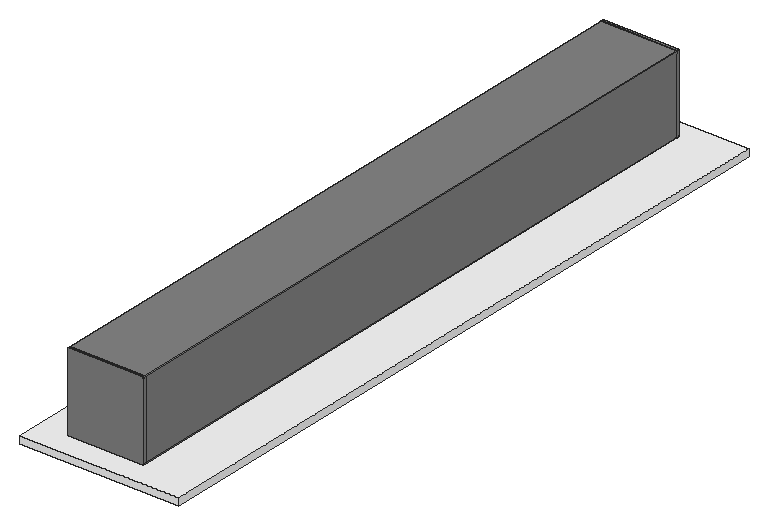
Revit family "BE_24641_de_DE", category Leuchten, Revit 2017
Family settings
  Basisbauteil = Fläche
  Bemaßung runder Anschluss = Durchmesser verwenden
  Teiletyp = Normal
  Beim Laden mit Abzugskörper schneiden = Ja
  Lichtquelle = Ja
  Gemeinsam genutzt = Nein
  Raumberechnungspunkt = Ja
Parameters (values of type "BEGA_24641_Grafit_K3")
  built-in parameter 1150104 = 16.115 (stored number, unit not read)
  Wattage = 39 W
  Default Elevation = 0 mm
  built-in parameter 1150113 = 1 (stored number, unit not read)
  built-in parameter 1114218 = 1 (stored number, unit not read)
  Umgebungstemperatur = "25 °C"
  URL = "https://www.bega.com/de/produkt/24641"
  Typenkommentare = "© 2021 BEGA. Wir behalten uns das Recht vor, technische Änderungen ohne vorherige Ankündigung vorzunehmen."  # constant formula
  built-in parameter 1150134 = (empty or 0)
  built-in parameter 1150109 = 1 (stored number, unit not read)
  Strom = ""
  built-in parameter 1150110 = 1 (stored number, unit not read)
  Spannung = 239.996 V
  Sonderanfertigung = no
  Seriennummer [instance] = "Hier können Sie die eindeutige Seriennummer für das Facility Management eintragen."
  Schutzklasse = "I"
  Schutzart = "IP 65"
  Scheinlast = 0 VA
  Produktdatenblatt = "http://www.bega.de/download/Xrfa/db/24641.db.de.pdf"
  Oberflächentemperatur = ""
  Neigungswinkel = 0.00°
  Modell = "24641K3"
  Material_17 = BEGA_Reflektor
  Material_15 = BEGA_Leuchtmedium_matt
  Material_09 = BEGA_Glas_klar
  Material_06 = BEGA_Oberfläche_Edelstahl_gebürstet
  Material_05 = BEGA_Oberfläche_Aluminium Guss
  Material_02 = BEGA_Oberfläche_Silber_matt
  Material_01 [instance] = BEGA_Oberfläche_Grafit_matt
  M_W = no
  M_G = yes
  M_A = no
  Logo = 0
  built-in parameter 1114217 = 1 (stored number, unit not read)
  built-in parameter 1150139 = (empty or 0)
  built-in parameter 1150105 = 538.34 (stored number, unit not read)
  built-in parameter 1150114 = 1 (stored number, unit not read)
  Lumens = 6764.94 lm
  built-in parameter 1150115 = 1 (stored number, unit not read)
  Leuchtenlichtstrom = "4552 lm"
  Leuchtenanzahl = ""
  Lebensdauerkriterien = "L70B50 @ 25 °C = 200000 h"
  Lastklassifizierung = Beleuchtung
  built-in parameter 1150112 = 1 (stored number, unit not read)
  Lampenlichtstrom = "6765 lm"
  Lampe = "LED 34.8 W"
  LED_Modulbezeichnung = "3x LED-1204/830"
  built-in parameter 1150142 = (empty or 0)
  Hersteller = "BEGA"  # constant formula
  Halbstreuwinkel = ""
  Gewicht = "8.65 kg"
  Gebrauchslageneinschränkung [instance] = ""
  Frequenz = "0/50-60 Hz"
  Farbwiedergabeindex = "CRI > 80"
  Farbtemperaturverschiebung bei Dämpfen der Lampe = <Keine Auswahl>
  Farbtemperatur = "3000 K"
  Color Filter = 16777215
  built-in parameter 1150133 = 10 (stored number, unit not read)
  Energieeffizienzklasse = "LED A++ - A"
  built-in parameter 1150137 = (empty or 0)
  built-in parameter 1150132 = (empty or 0)
  ENEC = ""
  Dimmbar [instance] = "DALI"
  Datei für fotometrisches Netz = "BE_24641K3.IES"
  CE_Konformität = "ja"
  Bestellnummer = "24641K3"
  Beschreibung_Sonderanfertigung = "Hier können Sie Informationen zur Sonderanfertigung eintragen."
  Beschreibung = "Wandleuchte"
  built-in parameter 1150106 = 5.3834 (stored number, unit not read)
  Befestigungsbohrung = "Ø 7 mm"
  Befestigungsabstand = "850 mm"
  BEGA_Intern_aus = yes
  BEGA_Intern_an = yes
  BEGA_Intern_Konstruktion = yes
  BEGA_Intern = yes
  BEGA_IES = yes
  BEGA_Dummy = no
  Anschlussleitung = ""
  Anschlussleistung [instance] = "39 W"
  Anschlusskasten = ""
  built-in parameter 1150107 = 3000 (stored number, unit not read)
  built-in parameter 1150102 = (empty or 0)
  built-in parameter 1150138 = (empty or 0)
  Aktualisierung = "2021-08-13T04:00:08"
  Abstand_zur_angestrahlten_Fläche [instance] = ""
  AC/DC = "AC/DC"
Types (4, lengths in mm): name | built-in parameter 1150104 | built-in parameter 1150134 | Modell | M_G | M_A | built-in parameter 1150105 | Lumens | Leuchtenlichtstrom | Lampenlichtstrom | LED_Modulbezeichnung | Farbtemperatur | Datei für fotometrisches Netz | Bestellnummer | built-in parameter 1150106 | built-in parameter 1150107
  BEGA_24641_Silber_K3 | 16.115 (stored number, unit not read) | (empty or 0) | "24641AK3" | no | yes | 538.34 (stored number, unit not read) | 6764.94 lm | "4552 lm" | "6765 lm" | "3x LED-1204/830" | "3000 K" | "BE_24641K3.IES" | "24641AK3" | 5.3834 (stored number, unit not read) | 3000 (stored number, unit not read)
  BEGA_24641_Silber_K4 | 16.579 (stored number, unit not read) | 12 | "24641AK4" | no | yes | 553.85 (stored number, unit not read) | 6959.94 lm | "4683 lm" | "6960 lm" | "3x LED-1204/840" | "4000 K" | "BE_24641K4.IES" | "24641AK4" | 5.5385 (stored number, unit not read) | 4000 (stored number, unit not read)
  BEGA_24641_Grafit_K4 | 16.579 (stored number, unit not read) | 12 | "24641K4" | yes | no | 553.85 (stored number, unit not read) | 6959.94 lm | "4683 lm" | "6960 lm" | "3x LED-1204/840" | "4000 K" | "BE_24641K4.IES" | "24641K4" | 5.5385 (stored number, unit not read) | 4000 (stored number, unit not read)
  BEGA_24641_Grafit_K3 | 16.115 (stored number, unit not read) | (empty or 0) | "24641K3" | yes | no | 538.34 (stored number, unit not read) | 6764.94 lm | "4552 lm" | "6765 lm" | "3x LED-1204/830" | "3000 K" | "BE_24641K3.IES" | "24641K3" | 5.3834 (stored number, unit not read) | 3000 (stored number, unit not read)
Reference planes
  plane 1 "Mitte (Vorne/Hinten)": y = 0
  plane 2: z = 0
  plane 3 "Mitte (Links/Rechts)": x = 0
  plane 4 "Links": x = -52.5
  plane 5 "Rechts": x = 52.5
  plane 6 "Unten": y = -465.2
  plane 7 "Oben": y = 465.127
  plane 8 "Vorne": z = 110.782
  plane 9 "Hinten": z = 0
Forms (mm)
  Extrusion 1, solid, material "BEGA_Platte_Weiss"
    sketch origin (0, -1119.2, 0) x (1, 0, 0) y (0, 1, 0)
      loop
        line (-95, 1614.2) -> (-95, 624.2) -> (125, 624.2) -> (125, 1614.2) -> (-95, 1614.2)
    from 0 to -10
  Extrusion 2, solid, material "BEGA_Dummy_matt", visible <- "BEGA_Dummy"
    sketch origin (80.095, -76.023, 0) x (1, 0, 0) y (0, 1, 0)
      loop
        line (-132.595, 541.15) -> (-132.595, -389.177) -> (-27.595, -389.177) -> (-27.595, 541.15) -> (-132.595, 541.15)
    from 0 to 110.782
Dimensions and locks
  plane 1 "Mitte (Vorne/Hinten)" to Extrusion 1 = 495 mm
  aligned and locked: Extrusion 1 to plane 2
  aligned and locked: level to Extrusion 1
Nested families
  nested 1: "BE_24641" at (0, 0, 0), type "BE_24641"
Connectors
  electrical at (0, 0, 0), driven by "Lastklassifizierung", driven by "Spannung", driven by "Scheinlast"
    settings: index 1, voltage 239.996 V, apparent load 0 VA, apparent load phase1 0 VA, apparent load phase2 0 VA, apparent load phase3 0 VA, power factor 1, load classification "Beleuchtung", number of poles 1, system type 31, power factor state 1, is connector primary yes, connector utility no, sub classification motor no, connector description ""
Definition of nested family "BE_24641"
  Parameters (values of type "BE_24641")
    Default Elevation = 1 mm
    URL = "http://www.bega.de/de/produkt"
    Type Comments = "© 2015 BEGA. Wir behalten uns das Recht vor, technische Änderungen ohne vorherige Ankündigung vorzunehmen. "  # constant formula
    Type Image = (empty or 0)
    Material_17 = none
    Material_15 = none
    Material_09 = none
    Material_06 = none
    Material_05 = none
    Material_02 = none
    Material_01 = none
    M_W = yes
    M_G = yes
    M_A = yes
    Länge_Platte = 200 mm  # constant formula
    Höhe_Platte = -10 mm  # constant formula
    Manufacturer = "BEGA"  # constant formula
    Breite_Platte = 1000 mm  # constant formula
  Reference planes
    plane 1 "Mitte (Oben/Unten)": y = 0
    plane 2: z = 0
    plane 3 "Mitte (Links/Rechts)": x = 0
    plane 4: x = -52.4
    plane 5: x = 52.5
    plane 6: z = 110.782
    plane 7: y = 465.127
    plane 8: y = -465.2
  Forms (mm)
    Extrusion 1, solid, detail levels medium
      sketch origin (0, 0, 0) x (1, 0, 0) y (0, 1, 0)
        loop
          line (-100, 500) -> (-100, -500) -> (100, -500) -> (100, 500) -> (-100, 500)
      from 0 to -10 <- "Höhe_Platte"
    Extrusion 2, solid, material <- "Material_01", visible <- "M_G"
      sketch origin (0, 0, 0) x (1, 0, 0) y (0, 0, 1)
        loop
          arc (-51.5, 110.782) -> (-52.207, 110.489) -> (-52.5, 109.782) r 1
          line (-52.5, 109.782) -> (-52.5, 97.782) -> (-52.5, 48.382) -> (-52.5, 2.782)
          arc (-52.5, 2.782) -> (-52.207, 2.074) -> (-51.5, 1.782) r 1
          line (-51.5, 1.782) -> (-33.514, 1.782) -> (-33.18, 11.348)
          arc (-33.18, 11.348) -> (-31.659, 14.776) -> (-28.183, 16.182) r 5
          line (-28.183, 16.182) -> (28.183, 16.182)
          arc (28.183, 16.182) -> (31.659, 14.776) -> (33.18, 11.348) r 5
          line (33.18, 11.348) -> (33.514, 1.782) -> (51.5, 1.782)
          arc (51.5, 1.782) -> (52.207, 2.074) -> (52.5, 2.782) r 1
          line (52.5, 2.782) -> (52.5, 109.782)
          arc (52.5, 109.782) -> (52.207, 110.489) -> (51.5, 110.782) r 1
          line (51.5, 110.782) -> (-51.5, 110.782)
        loop
          line (-46.5, 49.782) -> (-42.5, 49.782) -> (-12.495, 49.782) -> (-12.495, 103.782) -> (-46.5, 103.782) -> (-46.5, 49.782)
      from -462 to 462
    Extrusion 3, solid, material <- "Material_01"
      sketch origin (0, 0, 0) x (1, 0, 0) y (0, 0, 1)
        loop
          line (-28.204, 4.046) -> (-24.895, 0.737)
          arc (-24.895, 0.737) -> (-24.083, 0.192) -> (-23.123, 0) r 2.5
          line (-23.123, 0) -> (23.394, 0)
          arc (23.394, 0) -> (24.354, 0.192) -> (25.166, 0.737) r 2.5
          line (25.166, 0.737) -> (28.476, 4.046)
          arc (28.476, 4.046) -> (28.768, 4.753) -> (28.476, 5.46) r 1
          line (28.476, 5.46) -> (26.436, 7.5) -> (28.476, 9.54)
          arc (28.476, 9.54) -> (28.768, 10.247) -> (28.476, 10.954) r 1
          line (28.476, 10.954) -> (27.773, 11.657)
          arc (27.773, 11.657) -> (27.068, 11.954) -> (26.359, 11.666) r 1
          line (26.359, 11.666) -> (24.372, 9.679)
          arc (24.372, 9.679) -> (23.827, 8.867) -> (23.636, 7.907) r 2.5
          line (23.636, 7.907) -> (23.636, 3.8)
          arc (23.636, 3.8) -> (23.343, 3.093) -> (22.636, 2.8) r 1
          line (22.636, 2.8) -> (15.136, 2.8) -> (-22.364, 2.8)
          arc (-22.364, 2.8) -> (-23.072, 3.093) -> (-23.364, 3.8) r 1
          line (-23.364, 3.8) -> (-23.364, 7.907)
          arc (-23.364, 7.907) -> (-23.555, 8.864) -> (-24.097, 9.675) r 2.5
          line (-24.097, 9.675) -> (-26.088, 11.666)
          arc (-26.088, 11.666) -> (-26.793, 11.954) -> (-27.497, 11.661) r 1
          line (-27.497, 11.661) -> (-28.204, 10.954)
          arc (-28.204, 10.954) -> (-28.497, 10.25) -> (-28.209, 9.544) r 1
          line (-28.209, 9.544) -> (-26.164, 7.5) -> (-28.209, 5.456)
          arc (-28.209, 5.456) -> (-28.497, 4.75) -> (-28.204, 4.046) r 1
      from -455 to 455
    Extrusion 4, void
      sketch origin (0, 0, 0) x (1, 0, 0) y (0, 1, 0)
        loop
          arc (15, 100) -> (0, 115) -> (-15, 100) r 15
          line (-15, 100) -> (-15, -100)
          arc (-15, -100) -> (0, -115) -> (15, -100) r 15
          line (15, -100) -> (15, 100)
        loop
          arc (3.5, -420) -> (0, -416.5) -> (-3.5, -420) r 3.5
          line (-3.5, -420) -> (-3.5, -430)
          arc (-3.5, -430) -> (0, -433.5) -> (3.5, -430) r 3.5
          line (3.5, -430) -> (3.5, -420)
        loop
          line (-5, 421.5) -> (5, 421.5)
          arc (5, 421.5) -> (8.5, 425) -> (5, 428.5) r 3.5
          line (5, 428.5) -> (-5, 428.5)
          arc (-5, 428.5) -> (-8.5, 425) -> (-5, 421.5) r 3.5
      from 0 to 2.8
    Extrusion 5, solid, material <- "Material_09"
      sketch origin (0, 0, 0) x (1, 0, 0) y (0, 0, 1)
        loop
          line (-52.4, 95.782) -> (-52.4, 50.282) -> (-48.4, 50.282) -> (-48.4, 95.782) -> (-52.4, 95.782)
      from -450.614 to 450.615
    Blend 6, void
      base sketch origin (0, 0, 0) x (0, 1, 0) y (0, 0, 1)
        loop
          line (-452, 97.782) -> (-452, 48.382) -> (452, 48.382) -> (452, 97.782) -> (-452, 97.782)
      top sketch origin (0, 0, 0) x (0, 1, 0) y (0, 0, 1)
        loop
          line (450.614, 96.398) -> (-450.615, 96.398) -> (-450.615, 49.765) -> (450.614, 49.765) -> (450.614, 96.398)
      from -52.5 to -48.2
    Extrusion 7, void
      sketch origin (0, 0, 0) x (0, 1, 0) y (0, 0, 1)
        loop
          line (447.638, 93.398) -> (-447.631, 93.398) -> (-447.631, 52.765) -> (447.638, 52.765) -> (447.638, 93.398)
      from -48.2 to -46.5
    Extrusion 8, solid, material <- "Material_01", visible <- "M_G"
      sketch origin (0, 0, 0) x (1, 0, 0) y (0, 0, 1)
        loop
          line (51.5, 110.782) -> (-51.5, 110.782)
          arc (-51.5, 110.782) -> (-52.207, 110.489) -> (-52.5, 109.782) r 1
          line (-52.5, 109.782) -> (-52.5, 2.782)
          arc (-52.5, 2.782) -> (-52.207, 2.074) -> (-51.5, 1.782) r 1
          line (-51.5, 1.782) -> (51.5, 1.782)
          arc (51.5, 1.782) -> (52.207, 2.074) -> (52.5, 2.782) r 1
          line (52.5, 2.782) -> (52.5, 109.782)
          arc (52.5, 109.782) -> (52.207, 110.489) -> (51.5, 110.782) r 1
      from 462 to 465.2
    Extrusion 9, solid, material <- "Material_01", visible <- "M_G"
      sketch origin (0, 0, 0) x (1, 0, 0) y (0, 0, -1)
        loop
          arc (51.5, -110.782) -> (52.207, -110.489) -> (52.5, -109.782) r 1
          line (52.5, -109.782) -> (52.5, -2.782)
          arc (52.5, -2.782) -> (52.207, -2.074) -> (51.5, -1.782) r 1
          line (51.5, -1.782) -> (-51.5, -1.782)
          arc (-51.5, -1.782) -> (-52.207, -2.074) -> (-52.5, -2.782) r 1
          line (-52.5, -2.782) -> (-52.5, -109.782)
          arc (-52.5, -109.782) -> (-52.207, -110.489) -> (-51.5, -110.782) r 1
          line (-51.5, -110.782) -> (51.5, -110.782)
      from 462 to 465.127
    Extrusion 10, solid, material <- "Material_17"
      sketch origin (0, 0, 0) x (1, 0, 0) y (0, 0, 1)
        loop
          line (-46.5, 96.532) -> (-19.661, 64.226) -> (-19.353, 65.028) -> (-45.709, 96.754) -> (-46.5, 96.532)
      from -462 to 462
    Extrusion 11, solid, material <- "Material_15"
      sketch origin (0, -147.996, 0) x (1, 0, 0) y (0, 0, 1)
        loop
          line (-36.427, 54.124) -> (-35.652, 52.782) -> (-18.764, 62.532) -> (-19.539, 63.874) -> (-36.427, 54.124)
      from -296.984 to 0.993
    Extrusion 12, solid, material <- "Material_05"
      sketch origin (0, 0, 0) x (1, 0, 0) y (0, 0, 1)
        loop
          line (-35.825, 52.682) -> (-34.325, 50.083) -> (-15.185, 61.134) -> (-22.705, 103.782) -> (-25.752, 103.782) -> (-18.505, 62.682) -> (-35.825, 52.682)
      from -462 to 462
    Extrusion 13, void
      sketch origin (0, 0, 0) x (0, 1, 0) y (0, 0, 1)
        loop
          circle (439, 7.182) r 2.75
        loop
          circle (-439, 7.182) r 2.75
      from -52.5 to -32.811
    Revolve 14, solid, material <- "Material_06"
      sketch origin (0, -439, 0) x (1, 0, 0) y (0, 0, 1)
        loop
          line (-45, 7.182) -> (-26.5, 7.182) -> (-29.5, 10.182) -> (-45, 10.182) -> (-45, 7.182)
        axis (-26.5, 7.182) -> (-45, 7.182)
      angle from 0 to 360
    Revolve 15, solid, material <- "Material_06"
      sketch origin (0, 439, 0) x (1, 0, 0) y (0, 0, -1)
        loop
          line (-45, -7.182) -> (-45, -10.182) -> (-29.5, -10.182) -> (-26.5, -7.182) -> (-45, -7.182)
        axis (-26.5, -7.182) -> (-45, -7.182)
      angle from 0 to 360
    Extrusion 16, solid, material <- "Material_01"
      sketch origin (0, 0, 0) x (0, 1, 0) y (0, 0, 1)
        loop
          line (446.114, 91.282) -> (-446.115, 91.282) -> (-446.115, 54.782) -> (446.114, 54.782) -> (446.114, 91.282)
        loop
          line (450.614, 95.782) -> (-450.615, 95.782) -> (-450.615, 50.282) -> (450.614, 50.282) -> (450.614, 95.782)
      from -48.4 to -48.2
    Extrusion 17, solid, material <- "Material_15"
      sketch origin (0, -449.623, 0) x (1, 0, 0) y (0, 0, 1)
        loop
          line (-36.427, 54.124) -> (-35.652, 52.782) -> (-18.764, 62.532) -> (-19.539, 63.874) -> (-36.427, 54.124)
      from -296.984 to 0.993
    Extrusion 18, solid, material <- "Material_15"
      sketch origin (0, -449.623, 0) x (1, 0, 0) y (0, 0, 1)
        loop
          line (-36.427, 54.124) -> (-35.652, 52.782) -> (-18.764, 62.532) -> (-19.539, 63.874) -> (-36.427, 54.124)
      from -296.984 to 0.993
    Extrusion 19, solid, material <- "Material_15"
      sketch origin (0, 449.623, 0) x (1, 0, 0) y (0, 0, -1)
        loop
          line (-36.427, -54.124) -> (-19.539, -63.874) -> (-18.764, -62.532) -> (-35.652, -52.782) -> (-36.427, -54.124)
      from -296.984 to 0.993
    Extrusion 20, solid, material <- "Material_02", visible <- "M_A"
      sketch origin (0, 0, 0) x (1, 0, 0) y (0, 0, -1)
        loop
          arc (51.5, -110.782) -> (52.207, -110.489) -> (52.5, -109.782) r 1
          line (52.5, -109.782) -> (52.5, -2.782)
          arc (52.5, -2.782) -> (52.207, -2.074) -> (51.5, -1.782) r 1
          line (51.5, -1.782) -> (-51.5, -1.782)
          arc (-51.5, -1.782) -> (-52.207, -2.074) -> (-52.5, -2.782) r 1
          line (-52.5, -2.782) -> (-52.5, -109.782)
          arc (-52.5, -109.782) -> (-52.207, -110.489) -> (-51.5, -110.782) r 1
          line (-51.5, -110.782) -> (51.5, -110.782)
      from 462 to 465.127
    Extrusion 21, solid, material <- "Material_02", visible <- "M_A"
      sketch origin (0, 0, 0) x (1, 0, 0) y (0, 0, 1)
        loop
          arc (-51.5, 110.782) -> (-52.207, 110.489) -> (-52.5, 109.782) r 1
          line (-52.5, 109.782) -> (-52.5, 97.782) -> (-52.5, 48.382) -> (-52.5, 2.782)
          arc (-52.5, 2.782) -> (-52.207, 2.074) -> (-51.5, 1.782) r 1
          line (-51.5, 1.782) -> (-33.514, 1.782) -> (-33.18, 11.348)
          arc (-33.18, 11.348) -> (-31.659, 14.776) -> (-28.183, 16.182) r 5
          line (-28.183, 16.182) -> (28.183, 16.182)
          arc (28.183, 16.182) -> (31.659, 14.776) -> (33.18, 11.348) r 5
          line (33.18, 11.348) -> (33.514, 1.782) -> (51.5, 1.782)
          arc (51.5, 1.782) -> (52.207, 2.074) -> (52.5, 2.782) r 1
          line (52.5, 2.782) -> (52.5, 109.782)
          arc (52.5, 109.782) -> (52.207, 110.489) -> (51.5, 110.782) r 1
          line (51.5, 110.782) -> (-51.5, 110.782)
        loop
          line (-46.5, 49.782) -> (-42.5, 49.782) -> (-12.495, 49.782) -> (-12.495, 103.782) -> (-46.5, 103.782) -> (-46.5, 49.782)
      from -462 to 462
    Extrusion 22, solid, material <- "Material_02", visible <- "M_A"
      sketch origin (0, 0, 0) x (1, 0, 0) y (0, 0, 1)
        loop
          line (51.5, 110.782) -> (-51.5, 110.782)
          arc (-51.5, 110.782) -> (-52.207, 110.489) -> (-52.5, 109.782) r 1
          line (-52.5, 109.782) -> (-52.5, 2.782)
          arc (-52.5, 2.782) -> (-52.207, 2.074) -> (-51.5, 1.782) r 1
          line (-51.5, 1.782) -> (51.5, 1.782)
          arc (51.5, 1.782) -> (52.207, 2.074) -> (52.5, 2.782) r 1
          line (52.5, 2.782) -> (52.5, 109.782)
          arc (52.5, 109.782) -> (52.207, 110.489) -> (51.5, 110.782) r 1
      from 462 to 465.2
  Cuts and joins
    Extrusion 4, Blend 6, Extrusion 7, Extrusion 13 cuts Extrusion 2
    Extrusion 4, Extrusion 13 cuts Extrusion 3
    Blend 6, Extrusion 7, Extrusion 13 cuts Extrusion 21
  Dimensions and locks
    equal spacing: Extrusion 1 sketch curve, plane 3 "Mitte (Links/Rechts)", Extrusion 1 sketch curve
    equal spacing: Extrusion 1 sketch curve, plane 1 "Mitte (Oben/Unten)", Extrusion 1 sketch curve
    "Länge_Platte": Extrusion 1 sketch curve to Extrusion 1 sketch curve
    "Breite_Platte": Extrusion 1 sketch curve to Extrusion 1 sketch curve
    aligned and locked: Extrusion 1 to plane 2
    aligned and locked: level to Extrusion 1
  Automatic sketch dimensions
    Extrusion 11 sketch curve to Extrusion 11 sketch curve = 0.775 mm  (x2)
    Extrusion 11 sketch curve to Extrusion 11 sketch curve = 16.887 mm
    Extrusion 11 sketch curve to Extrusion 11 sketch curve = 1.342 mm  (x2)
    Extrusion 11 sketch curve to Extrusion 11 sketch curve = 9.75 mm
    Extrusion 2 sketch curve to plane 6 = 0 mm
    Extrusion 2 sketch curve to plane 5 = 0 mm
    Extrusion 2 sketch curve to plane 5 = 1 mm  (x2)
    level to Extrusion 2 sketch curve = 1.782 mm  (x2)
    Extrusion 2 sketch curve to Extrusion 2 sketch curve = 17.986 mm
    level to Extrusion 2 sketch curve = 11.348 mm  (x2)
    Extrusion 2 sketch curve to Extrusion 2 sketch curve = 0.334 mm  (x2)
    Extrusion 2 sketch curve to Extrusion 2 sketch curve = 4.997 mm  (x2)
    Extrusion 2 sketch curve to plane 3 "Mitte (Links/Rechts)" = 12.495 mm
    Extrusion 2 sketch curve to plane 4 = 24.217 mm
    Extrusion 2 sketch curve to plane 4 = 9.9 mm
    Extrusion 2 sketch curve to plane 4 = 5.9 mm
    Extrusion 2 sketch curve to plane 4 = 0.9 mm  (x2)
    plane 4 to Extrusion 2 sketch curve = 0.1 mm
    Extrusion 2 sketch curve to Extrusion 2 sketch curve = 0.167 mm
    Extrusion 2 sketch curve to Extrusion 2 sketch curve = 32.2 mm
    Extrusion 2 sketch curve to Extrusion 2 sketch curve = 1.4 mm
    Extrusion 2 sketch curve to Extrusion 2 sketch curve = 12 mm
    Extrusion 2 sketch curve to plane 6 = 7 mm
    Extrusion 3 sketch curve to level = 0 mm
    level to Extrusion 3 sketch curve = 5.456 mm
    Extrusion 3 sketch curve to plane 4 = 24.191 mm
    level to Extrusion 3 sketch curve = 9.544 mm
    Extrusion 3 sketch curve to Extrusion 3 sketch curve = 0 mm  (x10)
    Extrusion 3 sketch curve to Extrusion 3 sketch curve = 0.712 mm  (x4)
    Extrusion 3 sketch curve to Extrusion 3 sketch curve = 0.707 mm  (x9)
    level to Extrusion 3 sketch curve = 11.666 mm  (x2)
    Extrusion 3 sketch curve to Extrusion 3 sketch curve = 0.703 mm  (x5)
    Extrusion 3 sketch curve to Extrusion 3 sketch curve = 0.3 mm  (x2)
    level to Extrusion 3 sketch curve = 0.737 mm  (x2)
    Extrusion 3 sketch curve to Extrusion 3 sketch curve = 2.602 mm
    Extrusion 3 sketch curve to Extrusion 3 sketch curve = 2.5 mm
    Extrusion 3 sketch curve to Extrusion 3 sketch curve = 0.241 mm
    Extrusion 3 sketch curve to Extrusion 3 sketch curve = 1 mm  (x2)
    level to Extrusion 3 sketch curve = 2.8 mm
    plane 3 "Mitte (Links/Rechts)" to Extrusion 3 sketch curve = 15.136 mm
    Extrusion 3 sketch curve to Extrusion 3 sketch curve = 7.5 mm
    Extrusion 3 sketch curve to Extrusion 3 sketch curve = 0.759 mm
    level to Extrusion 3 sketch curve = 9.679 mm
    Extrusion 3 sketch curve to Extrusion 3 sketch curve = 0.737 mm
    Extrusion 3 sketch curve to Extrusion 3 sketch curve = 1.772 mm
    Extrusion 3 sketch curve to Extrusion 3 sketch curve = 1.763 mm
    Extrusion 3 sketch curve to Extrusion 3 sketch curve = 1.986 mm
    level to Extrusion 3 sketch curve = 7.5 mm
    Extrusion 3 sketch curve to Extrusion 3 sketch curve = 1.333 mm
    level to Extrusion 3 sketch curve = 11.657 mm
    Extrusion 3 sketch curve to Extrusion 3 sketch curve = 2.747 mm
    Extrusion 3 sketch curve to Extrusion 3 sketch curve = 2.044 mm
    Extrusion 3 sketch curve to Extrusion 3 sketch curve = 0.407 mm
    level to Extrusion 3 sketch curve = 4.046 mm  (x2)
    level to Extrusion 3 sketch curve = 10.954 mm  (x2)
    level to Extrusion 3 sketch curve = 11.661 mm
    Extrusion 3 sketch curve to Extrusion 3 sketch curve = 0.732 mm
    level to Extrusion 3 sketch curve = 9.675 mm
    level to Extrusion 3 sketch curve = 9.54 mm
    level to Extrusion 3 sketch curve = 5.46 mm
    Extrusion 4 sketch curve to plane 3 "Mitte (Links/Rechts)" = 0 mm  (x2)
    Extrusion 4 sketch curve to Extrusion 4 sketch curve = 3.5 mm  (x2)
    Extrusion 4 sketch curve to plane 3 "Mitte (Links/Rechts)" = 5 mm
    Extrusion 4 sketch curve to Extrusion 4 sketch curve = 15 mm
    plane 3 "Mitte (Links/Rechts)" to Extrusion 4 sketch curve = 5 mm
    Extrusion 4 sketch curve to Extrusion 4 sketch curve = 10 mm
    plane 1 "Mitte (Oben/Unten)" to Extrusion 4 sketch curve = 100 mm
    Extrusion 4 sketch curve to plane 1 "Mitte (Oben/Unten)" = 100 mm
    Extrusion 4 sketch curve to Extrusion 4 sketch curve = 0 mm
    plane 4 to Extrusion 5 sketch curve = 0 mm
    Extrusion 5 sketch curve to plane 4 = 4 mm
    level to Extrusion 5 sketch curve = 50.282 mm
    Extrusion 5 sketch curve to plane 6 = 15 mm
    level to Blend 6 sketch curve = 48.382 mm
    Blend 6 sketch curve to plane 6 = 13 mm
    Blend 6 sketch curve to plane 6 = 14.383 mm
    level to Blend 6 sketch curve = 49.765 mm
    Extrusion 7 sketch curve to plane 6 = 17.383 mm
    level to Extrusion 7 sketch curve = 52.765 mm
    Extrusion 8 sketch curve to plane 6 = 0 mm
    Extrusion 8 sketch curve to plane 5 = 0 mm
    Extrusion 8 sketch curve to plane 5 = 1 mm  (x2)
    Extrusion 8 sketch curve to plane 4 = 0.9 mm  (x2)
    plane 4 to Extrusion 8 sketch curve = 0.1 mm
    level to Extrusion 8 sketch curve = 2.782 mm
    Extrusion 9 sketch curve to plane 6 = 0 mm
    Extrusion 9 sketch curve to plane 5 = 0 mm
    Extrusion 9 sketch curve to plane 5 = 1 mm  (x2)
    Extrusion 9 sketch curve to plane 4 = 0.9 mm  (x2)
    plane 4 to Extrusion 9 sketch curve = 0.1 mm
    level to Extrusion 9 sketch curve = 2.782 mm
    Extrusion 10 sketch curve to plane 4 = 5.9 mm
    Extrusion 10 sketch curve to Extrusion 10 sketch curve = 0.791 mm
    Extrusion 10 sketch curve to plane 3 "Mitte (Links/Rechts)" = 19.661 mm
    Extrusion 10 sketch curve to Extrusion 10 sketch curve = 0.308 mm
    Extrusion 10 sketch curve to plane 6 = 46.556 mm
    Extrusion 10 sketch curve to Extrusion 10 sketch curve = 0.803 mm
    Extrusion 10 sketch curve to plane 6 = 14.25 mm
    Extrusion 10 sketch curve to Extrusion 10 sketch curve = 0.222 mm
    Extrusion 12 sketch curve to plane 4 = 16.575 mm
    Extrusion 12 sketch curve to Extrusion 12 sketch curve = 1.5 mm
    Extrusion 12 sketch curve to plane 6 = 7 mm
    Extrusion 12 sketch curve to plane 3 "Mitte (Links/Rechts)" = 25.752 mm
    Extrusion 12 sketch curve to Extrusion 12 sketch curve = 3.046 mm
    Extrusion 12 sketch curve to plane 3 "Mitte (Links/Rechts)" = 18.505 mm
    Extrusion 12 sketch curve to Extrusion 12 sketch curve = 3.319 mm
    Extrusion 12 sketch curve to Extrusion 12 sketch curve = 41.1 mm
    Extrusion 12 sketch curve to Extrusion 12 sketch curve = 1.548 mm
    Extrusion 12 sketch curve to Extrusion 12 sketch curve = 10 mm
    Extrusion 12 sketch curve to Extrusion 12 sketch curve = 2.598 mm
    Revolve 14 sketch curve to plane 4 = 7.4 mm
    Revolve 14 sketch curve to Revolve 14 sketch curve = 15.5 mm
    level to Revolve 14 sketch curve = 7.182 mm
    Revolve 14 sketch curve to Revolve 14 sketch curve = 3 mm  (x2)
    Revolve 14 sketch curve to Revolve 14 sketch curve = 2 mm
    Revolve 14 sketch curve to Revolve 14 sketch curve = 1.5 mm
    Revolve 14 sketch curve to Revolve 14 sketch curve = 0 mm
    Revolve 15 sketch curve to plane 4 = 7.4 mm
    Revolve 15 sketch curve to Revolve 15 sketch curve = 15.5 mm
    level to Revolve 15 sketch curve = 7.182 mm
    Revolve 15 sketch curve to Revolve 15 sketch curve = 3 mm  (x2)
    Revolve 15 sketch curve to Revolve 15 sketch curve = 2 mm
    Revolve 15 sketch curve to Revolve 15 sketch curve = 1.5 mm
    Revolve 15 sketch curve to Revolve 15 sketch curve = 0 mm
    Extrusion 17 sketch curve to plane 4 = 15.973 mm
    Extrusion 17 sketch curve to Extrusion 17 sketch curve = 0.775 mm  (x2)
    Extrusion 17 sketch curve to Extrusion 17 sketch curve = 16.887 mm
    level to Extrusion 17 sketch curve = 52.782 mm
    Extrusion 17 sketch curve to Extrusion 17 sketch curve = 1.342 mm  (x2)
    Extrusion 17 sketch curve to Extrusion 17 sketch curve = 9.75 mm
    Extrusion 18 sketch curve to plane 4 = 15.973 mm
    Extrusion 18 sketch curve to Extrusion 18 sketch curve = 0.775 mm  (x2)
    Extrusion 18 sketch curve to Extrusion 18 sketch curve = 16.887 mm
    level to Extrusion 18 sketch curve = 52.782 mm
    Extrusion 18 sketch curve to Extrusion 18 sketch curve = 1.342 mm  (x2)
    Extrusion 18 sketch curve to Extrusion 18 sketch curve = 9.75 mm
    Extrusion 19 sketch curve to plane 4 = 15.973 mm
    Extrusion 19 sketch curve to Extrusion 19 sketch curve = 0.775 mm  (x2)
    Extrusion 19 sketch curve to Extrusion 19 sketch curve = 16.887 mm
    Extrusion 19 sketch curve to plane 6 = 46.908 mm
    Extrusion 19 sketch curve to Extrusion 19 sketch curve = 1.342 mm  (x2)
    Extrusion 19 sketch curve to Extrusion 19 sketch curve = 9.75 mm
    level to Extrusion 16 sketch curve = 50.282 mm
    Extrusion 16 sketch curve to Extrusion 16 sketch curve = 4.5 mm  (x3)
    level to Extrusion 16 sketch curve = 54.782 mm
    Extrusion 16 sketch curve to plane 6 = 19.5 mm
    Extrusion 4 sketch curve to Extrusion 4 sketch curve = 320 mm
    plane 1 "Mitte (Oben/Unten)" to Blend 6 sketch curve = 452 mm
    plane 1 "Mitte (Oben/Unten)" to Blend 6 sketch curve = 450.615 mm
    plane 1 "Mitte (Oben/Unten)" to Extrusion 7 sketch curve = 447.631 mm
    plane 1 "Mitte (Oben/Unten)" to Extrusion 16 sketch curve = 446.115 mm
    Extrusion 4 sketch curve to Extrusion 4 sketch curve = 321.5 mm
    Blend 6 sketch curve to plane 1 "Mitte (Oben/Unten)" = 452 mm
    Blend 6 sketch curve to plane 1 "Mitte (Oben/Unten)" = 450.614 mm
    Extrusion 7 sketch curve to plane 1 "Mitte (Oben/Unten)" = 447.638 mm
    Extrusion 16 sketch curve to plane 1 "Mitte (Oben/Unten)" = 446.114 mm
    level to Extrusion 13 sketch curve = 7.182 mm  (x2)
    Extrusion 13 sketch curve to plane 8 = 26.2 mm
    Extrusion 13 sketch curve to plane 7 = 26.127 mm
    Extrusion 20 sketch curve to plane 6 = 0 mm
    Extrusion 20 sketch curve to plane 5 = 0 mm
    Extrusion 20 sketch curve to plane 5 = 1 mm  (x2)
    Extrusion 20 sketch curve to plane 4 = 0.9 mm  (x2)
    plane 4 to Extrusion 20 sketch curve = 0.1 mm
    level to Extrusion 20 sketch curve = 2.782 mm
    Extrusion 21 sketch curve to plane 6 = 0 mm
    Extrusion 21 sketch curve to plane 5 = 0 mm
    Extrusion 21 sketch curve to plane 5 = 1 mm  (x2)
    level to Extrusion 21 sketch curve = 1.782 mm  (x2)
    Extrusion 21 sketch curve to Extrusion 21 sketch curve = 17.986 mm
    level to Extrusion 21 sketch curve = 11.348 mm  (x2)
    Extrusion 21 sketch curve to Extrusion 21 sketch curve = 0.334 mm  (x2)
    Extrusion 21 sketch curve to Extrusion 21 sketch curve = 4.997 mm  (x2)
    Extrusion 21 sketch curve to plane 3 "Mitte (Links/Rechts)" = 12.495 mm
    Extrusion 21 sketch curve to plane 4 = 24.217 mm
    Extrusion 21 sketch curve to plane 4 = 9.9 mm
    Extrusion 21 sketch curve to plane 4 = 5.9 mm
    Extrusion 21 sketch curve to plane 4 = 0.9 mm  (x2)
    plane 4 to Extrusion 21 sketch curve = 0.1 mm
    Extrusion 21 sketch curve to Extrusion 21 sketch curve = 0.167 mm
    Extrusion 21 sketch curve to Extrusion 21 sketch curve = 32.2 mm
    Extrusion 21 sketch curve to Extrusion 21 sketch curve = 1.4 mm
    Extrusion 21 sketch curve to Extrusion 21 sketch curve = 12 mm
    Extrusion 21 sketch curve to plane 6 = 7 mm
    Extrusion 22 sketch curve to plane 6 = 0 mm
    Extrusion 22 sketch curve to plane 5 = 0 mm
    Extrusion 22 sketch curve to plane 5 = 1 mm  (x2)
    Extrusion 22 sketch curve to plane 4 = 0.9 mm  (x2)
    plane 4 to Extrusion 22 sketch curve = 0.1 mm
    level to Extrusion 22 sketch curve = 2.782 mm
    radius of Extrusion 13 sketch curve = 2.75 mm  (x2)
